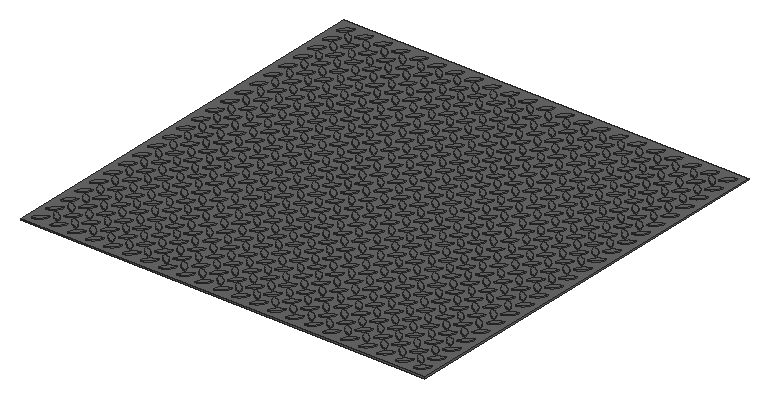
Revit family "141012021113804", category Modelos genéricos, Revit 2018 (continued)
Forms (mm)
  Blend 550, solid, material "Goma negro" <- "Material", detail levels fine
    base sketch origin (1053.494, 433.945, 0) x (-0.707107, -0.707107, 0) y (0.707107, -0.707107, 0)
      loop
        arc (792.83, -324.327) -> (793.684, -324.773) -> (794.539, -324.327) r 1.041
        arc (794.539, -324.327) -> (799.889, -307.273) -> (794.539, -290.22) r 29.852
        arc (794.539, -290.22) -> (793.684, -289.773) -> (792.83, -290.22) r 1.041
    top sketch origin (1053.494, 433.945, 0) x (-0.707107, -0.707107, 0) y (0.707107, -0.707107, 0)
      loop
        arc (792.83, -290.22) -> (787.479, -307.273) -> (792.83, -324.327) r 29.852
        arc (792.83, -324.327) -> (793.684, -324.773) -> (794.539, -324.327) r 1.041
        arc (794.539, -324.327) -> (799.889, -307.273) -> (794.539, -290.22) r 29.852
        arc (794.539, -290.22) -> (793.684, -289.773) -> (792.83, -290.22) r 1.041
    from 0 to 1
  Blend 551, solid, material "Goma negro" <- "Material", detail levels fine
    base sketch origin (-136.445, 845.994, 0) x (0.707107, -0.707107, 0) y (0.707107, 0.707107, 0)
      loop
        arc (792.83, -290.22) -> (787.479, -307.273) -> (792.83, -324.327) r 29.852
        arc (792.83, -324.327) -> (793.684, -324.773) -> (794.539, -324.327) r 1.041
        arc (794.539, -324.327) -> (799.889, -307.273) -> (794.539, -290.22) r 29.852
        arc (794.539, -290.22) -> (793.684, -289.773) -> (792.83, -290.22) r 1.041
    top sketch origin (-136.445, 845.994, 0) x (0.707107, -0.707107, 0) y (0.707107, 0.707107, 0)
      loop
        arc (792.83, -290.22) -> (787.479, -307.273) -> (792.83, -324.327) r 29.852
        arc (792.83, -324.327) -> (793.684, -324.773) -> (794.539, -324.327) r 1.041
        arc (794.539, -324.327) -> (799.889, -307.273) -> (794.539, -290.22) r 29.852
        arc (794.539, -290.22) -> (793.684, -289.773) -> (792.83, -290.22) r 1.041
    from 0 to 1
  Blend 552, solid, material "Goma negro" <- "Material", detail levels fine
    base sketch origin (1008.494, 433.945, 0) x (-0.707107, -0.707107, 0) y (0.707107, -0.707107, 0)
      loop
        arc (792.83, -290.22) -> (787.479, -307.273) -> (792.83, -324.327) r 29.852
        arc (792.83, -324.327) -> (793.684, -324.773) -> (794.539, -324.327) r 1.041
        arc (794.539, -324.327) -> (799.889, -307.273) -> (794.539, -290.22) r 29.852
        arc (794.539, -290.22) -> (793.684, -289.773) -> (792.83, -290.22) r 1.041
    top sketch origin (1008.494, 433.945, 0) x (-0.707107, -0.707107, 0) y (0.707107, -0.707107, 0)
      loop
        arc (792.83, -290.22) -> (787.479, -307.273) -> (792.83, -324.327) r 29.852
        arc (792.83, -324.327) -> (793.684, -324.773) -> (794.539, -324.327) r 1.041
        arc (794.539, -324.327) -> (799.889, -307.273) -> (794.539, -290.22) r 29.852
        arc (794.539, -290.22) -> (793.684, -289.773) -> (792.83, -290.22) r 1.041
    from 0 to 1
  Blend 553, solid, material "Goma negro" <- "Material", detail levels fine
    base sketch origin (-181.445, 845.994, 0) x (0.707107, -0.707107, 0) y (0.707107, 0.707107, 0)
      loop
        arc (792.83, -290.22) -> (787.479, -307.273) -> (792.83, -324.327) r 29.852
        arc (792.83, -324.327) -> (793.684, -324.773) -> (794.539, -324.327) r 1.041
        arc (794.539, -324.327) -> (799.889, -307.273) -> (794.539, -290.22) r 29.852
        arc (794.539, -290.22) -> (793.684, -289.773) -> (792.83, -290.22) r 1.041
    top sketch origin (-181.445, 845.994, 0) x (0.707107, -0.707107, 0) y (0.707107, 0.707107, 0)
      loop
        arc (792.83, -290.22) -> (787.479, -307.273) -> (792.83, -324.327) r 29.852
        arc (792.83, -324.327) -> (793.684, -324.773) -> (794.539, -324.327) r 1.041
        arc (794.539, -324.327) -> (799.889, -307.273) -> (794.539, -290.22) r 29.852
        arc (794.539, -290.22) -> (793.684, -289.773) -> (792.83, -290.22) r 1.041
    from 0 to 1
  Blend 554, solid, material "Goma negro" <- "Material", detail levels fine
    base sketch origin (963.494, 433.945, 0) x (-0.707107, -0.707107, 0) y (0.707107, -0.707107, 0)
      loop
        arc (792.83, -290.22) -> (787.479, -307.273) -> (792.83, -324.327) r 29.852
        arc (792.83, -324.327) -> (793.684, -324.773) -> (794.539, -324.327) r 1.041
        arc (794.539, -324.327) -> (799.889, -307.273) -> (794.539, -290.22) r 29.852
        arc (794.539, -290.22) -> (793.684, -289.773) -> (792.83, -290.22) r 1.041
    top sketch origin (963.494, 433.945, 0) x (-0.707107, -0.707107, 0) y (0.707107, -0.707107, 0)
      loop
        arc (792.83, -290.22) -> (787.479, -307.273) -> (792.83, -324.327) r 29.852
        arc (792.83, -324.327) -> (793.684, -324.773) -> (794.539, -324.327) r 1.041
        arc (794.539, -324.327) -> (799.889, -307.273) -> (794.539, -290.22) r 29.852
        arc (794.539, -290.22) -> (793.684, -289.773) -> (792.83, -290.22) r 1.041
    from 0 to 1
  Blend 555, solid, material "Goma negro" <- "Material", detail levels fine
    base sketch origin (-226.445, 845.994, 0) x (0.707107, -0.707107, 0) y (0.707107, 0.707107, 0)
      loop
        arc (792.83, -290.22) -> (787.479, -307.273) -> (792.83, -324.327) r 29.852
        arc (792.83, -324.327) -> (793.684, -324.773) -> (794.539, -324.327) r 1.041
        arc (794.539, -324.327) -> (799.889, -307.273) -> (794.539, -290.22) r 29.852
        arc (794.539, -290.22) -> (793.684, -289.773) -> (792.83, -290.22) r 1.041
    top sketch origin (-226.445, 845.994, 0) x (0.707107, -0.707107, 0) y (0.707107, 0.707107, 0)
      loop
        arc (792.83, -290.22) -> (787.479, -307.273) -> (792.83, -324.327) r 29.852
        arc (792.83, -324.327) -> (793.684, -324.773) -> (794.539, -324.327) r 1.041
        arc (794.539, -324.327) -> (799.889, -307.273) -> (794.539, -290.22) r 29.852
        arc (794.539, -290.22) -> (793.684, -289.773) -> (792.83, -290.22) r 1.041
    from 0 to 1
  Blend 556, solid, material "Goma negro" <- "Material", detail levels fine
    base sketch origin (918.494, 433.945, 0) x (-0.707107, -0.707107, 0) y (0.707107, -0.707107, 0)
      loop
        arc (792.83, -290.22) -> (787.479, -307.273) -> (792.83, -324.327) r 29.852
        arc (792.83, -324.327) -> (793.684, -324.773) -> (794.539, -324.327) r 1.041
        arc (794.539, -324.327) -> (799.889, -307.273) -> (794.539, -290.22) r 29.852
        arc (794.539, -290.22) -> (793.684, -289.773) -> (792.83, -290.22) r 1.041
    top sketch origin (918.494, 433.945, 0) x (-0.707107, -0.707107, 0) y (0.707107, -0.707107, 0)
      loop
        arc (792.83, -290.22) -> (787.479, -307.273) -> (792.83, -324.327) r 29.852
        arc (792.83, -324.327) -> (793.684, -324.773) -> (794.539, -324.327) r 1.041
        arc (794.539, -324.327) -> (799.889, -307.273) -> (794.539, -290.22) r 29.852
        arc (794.539, -290.22) -> (793.684, -289.773) -> (792.83, -290.22) r 1.041
    from 0 to 1
  Blend 557, solid, material "Goma negro" <- "Material", detail levels fine
    base sketch origin (-271.445, 845.994, 0) x (0.707107, -0.707107, 0) y (0.707107, 0.707107, 0)
      loop
        arc (792.83, -290.22) -> (787.479, -307.273) -> (792.83, -324.327) r 29.852
        arc (792.83, -324.327) -> (793.684, -324.773) -> (794.539, -324.327) r 1.041
        arc (794.539, -324.327) -> (799.889, -307.273) -> (794.539, -290.22) r 29.852
        arc (794.539, -290.22) -> (793.684, -289.773) -> (792.83, -290.22) r 1.041
    top sketch origin (-271.445, 845.994, 0) x (0.707107, -0.707107, 0) y (0.707107, 0.707107, 0)
      loop
        arc (792.83, -290.22) -> (787.479, -307.273) -> (792.83, -324.327) r 29.852
        arc (792.83, -324.327) -> (793.684, -324.773) -> (794.539, -324.327) r 1.041
        arc (794.539, -324.327) -> (799.889, -307.273) -> (794.539, -290.22) r 29.852
        arc (794.539, -290.22) -> (793.684, -289.773) -> (792.83, -290.22) r 1.041
    from 0 to 1
  Blend 558, solid, material "Goma negro" <- "Material", detail levels fine
    base sketch origin (873.494, 433.945, 0) x (-0.707107, -0.707107, 0) y (0.707107, -0.707107, 0)
      loop
        arc (792.83, -290.22) -> (787.479, -307.273) -> (792.83, -324.327) r 29.852
        arc (792.83, -324.327) -> (793.684, -324.773) -> (794.539, -324.327) r 1.041
        arc (794.539, -324.327) -> (799.889, -307.273) -> (794.539, -290.22) r 29.852
        arc (794.539, -290.22) -> (793.684, -289.773) -> (792.83, -290.22) r 1.041
    top sketch origin (873.494, 433.945, 0) x (-0.707107, -0.707107, 0) y (0.707107, -0.707107, 0)
      loop
        arc (792.83, -290.22) -> (787.479, -307.273) -> (792.83, -324.327) r 29.852
        arc (792.83, -324.327) -> (793.684, -324.773) -> (794.539, -324.327) r 1.041
        arc (794.539, -324.327) -> (799.889, -307.273) -> (794.539, -290.22) r 29.852
        arc (794.539, -290.22) -> (793.684, -289.773) -> (792.83, -290.22) r 1.041
    from 0 to 1
  Blend 559, solid, material "Goma negro" <- "Material", detail levels fine
    base sketch origin (-316.445, 845.994, 0) x (0.707107, -0.707107, 0) y (0.707107, 0.707107, 0)
      loop
        arc (792.83, -290.22) -> (787.479, -307.273) -> (792.83, -324.327) r 29.852
        arc (792.83, -324.327) -> (793.684, -324.773) -> (794.539, -324.327) r 1.041
        arc (794.539, -324.327) -> (799.889, -307.273) -> (794.539, -290.22) r 29.852
        arc (794.539, -290.22) -> (793.684, -289.773) -> (792.83, -290.22) r 1.041
    top sketch origin (-316.445, 845.994, 0) x (0.707107, -0.707107, 0) y (0.707107, 0.707107, 0)
      loop
        arc (792.83, -290.22) -> (787.479, -307.273) -> (792.83, -324.327) r 29.852
        arc (792.83, -324.327) -> (793.684, -324.773) -> (794.539, -324.327) r 1.041
        arc (794.539, -324.327) -> (799.889, -307.273) -> (794.539, -290.22) r 29.852
        arc (794.539, -290.22) -> (793.684, -289.773) -> (792.83, -290.22) r 1.041
    from 0 to 1
  Blend 560, solid, material "Goma negro" <- "Material", detail levels fine
    base sketch origin (828.494, 433.945, 0) x (-0.707107, -0.707107, 0) y (0.707107, -0.707107, 0)
      loop
        arc (792.83, -290.22) -> (787.479, -307.273) -> (792.83, -324.327) r 29.852
        arc (792.83, -324.327) -> (793.684, -324.773) -> (794.539, -324.327) r 1.041
        arc (794.539, -324.327) -> (799.889, -307.273) -> (794.539, -290.22) r 29.852
        arc (794.539, -290.22) -> (793.684, -289.773) -> (792.83, -290.22) r 1.041
    top sketch origin (828.494, 433.945, 0) x (-0.707107, -0.707107, 0) y (0.707107, -0.707107, 0)
      loop
        arc (792.83, -290.22) -> (787.479, -307.273) -> (792.83, -324.327) r 29.852
        arc (792.83, -324.327) -> (793.684, -324.773) -> (794.539, -324.327) r 1.041
        arc (794.539, -324.327) -> (799.889, -307.273) -> (794.539, -290.22) r 29.852
        arc (794.539, -290.22) -> (793.684, -289.773) -> (792.83, -290.22) r 1.041
    from 0 to 1
  Blend 561, solid, material "Goma negro" <- "Material", detail levels fine
    base sketch origin (628.555, 890.994, 0) x (0.707107, -0.707107, 0) y (0.707107, 0.707107, 0)
      loop
        arc (792.83, -290.22) -> (787.479, -307.273) -> (792.83, -324.327) r 29.852
        arc (792.83, -324.327) -> (793.684, -324.773) -> (794.539, -324.327) r 1.041
        arc (794.539, -324.327) -> (799.889, -307.273) -> (794.539, -290.22) r 29.852
        arc (794.539, -290.22) -> (793.684, -289.773) -> (792.83, -290.22) r 1.041
    top sketch origin (628.555, 890.994, 0) x (0.707107, -0.707107, 0) y (0.707107, 0.707107, 0)
      loop
        arc (792.83, -290.22) -> (787.479, -307.273) -> (792.83, -324.327) r 29.852
        arc (792.83, -324.327) -> (793.684, -324.773) -> (794.539, -324.327) r 1.041
        arc (794.539, -324.327) -> (799.889, -307.273) -> (794.539, -290.22) r 29.852
        arc (794.539, -290.22) -> (793.684, -289.773) -> (792.83, -290.22) r 1.041
    from 0 to 1
  Blend 562, solid, material "Goma negro" <- "Material", detail levels fine
    base sketch origin (583.555, 890.994, 0) x (0.707107, -0.707107, 0) y (0.707107, 0.707107, 0)
      loop
        arc (792.83, -290.22) -> (787.479, -307.273) -> (792.83, -324.327) r 29.852
        arc (792.83, -324.327) -> (793.684, -324.773) -> (794.539, -324.327) r 1.041
        arc (794.539, -324.327) -> (799.889, -307.273) -> (794.539, -290.22) r 29.852
        arc (794.539, -290.22) -> (793.684, -289.773) -> (792.83, -290.22) r 1.041
    top sketch origin (583.555, 890.994, 0) x (0.707107, -0.707107, 0) y (0.707107, 0.707107, 0)
      loop
        arc (792.83, -290.22) -> (787.479, -307.273) -> (792.83, -324.327) r 29.852
        arc (792.83, -324.327) -> (793.684, -324.773) -> (794.539, -324.327) r 1.041
        arc (794.539, -324.327) -> (799.889, -307.273) -> (794.539, -290.22) r 29.852
        arc (794.539, -290.22) -> (793.684, -289.773) -> (792.83, -290.22) r 1.041
    from 0 to 1
  Blend 563, solid, material "Goma negro" <- "Material", detail levels fine
    base sketch origin (1728.494, 478.945, 0) x (-0.707107, -0.707107, 0) y (0.707107, -0.707107, 0)
      loop
        arc (792.83, -290.22) -> (787.479, -307.273) -> (792.83, -324.327) r 29.852
        arc (792.83, -324.327) -> (793.684, -324.773) -> (794.539, -324.327) r 1.041
        arc (794.539, -324.327) -> (799.889, -307.273) -> (794.539, -290.22) r 29.852
        arc (794.539, -290.22) -> (793.684, -289.773) -> (792.83, -290.22) r 1.041
    top sketch origin (1728.494, 478.945, 0) x (-0.707107, -0.707107, 0) y (0.707107, -0.707107, 0)
      loop
        arc (792.83, -290.22) -> (787.479, -307.273) -> (792.83, -324.327) r 29.852
        arc (792.83, -324.327) -> (793.684, -324.773) -> (794.539, -324.327) r 1.041
        arc (794.539, -324.327) -> (799.889, -307.273) -> (794.539, -290.22) r 29.852
        arc (794.539, -290.22) -> (793.684, -289.773) -> (792.83, -290.22) r 1.041
    from 0 to 1
  Blend 564, solid, material "Goma negro" <- "Material", detail levels fine
    base sketch origin (538.555, 890.994, 0) x (0.707107, -0.707107, 0) y (0.707107, 0.707107, 0)
      loop
        arc (792.83, -290.22) -> (787.479, -307.273) -> (792.83, -324.327) r 29.852
        arc (792.83, -324.327) -> (793.684, -324.773) -> (794.539, -324.327) r 1.041
        arc (794.539, -324.327) -> (799.889, -307.273) -> (794.539, -290.22) r 29.852
        arc (794.539, -290.22) -> (793.684, -289.773) -> (792.83, -290.22) r 1.041
    top sketch origin (538.555, 890.994, 0) x (0.707107, -0.707107, 0) y (0.707107, 0.707107, 0)
      loop
        arc (792.83, -290.22) -> (787.479, -307.273) -> (792.83, -324.327) r 29.852
        arc (792.83, -324.327) -> (793.684, -324.773) -> (794.539, -324.327) r 1.041
        arc (794.539, -324.327) -> (799.889, -307.273) -> (794.539, -290.22) r 29.852
        arc (794.539, -290.22) -> (793.684, -289.773) -> (792.83, -290.22) r 1.041
    from 0 to 1
  Blend 565, solid, material "Goma negro" <- "Material", detail levels fine
    base sketch origin (1683.494, 478.945, 0) x (-0.707107, -0.707107, 0) y (0.707107, -0.707107, 0)
      loop
        arc (792.83, -290.22) -> (787.479, -307.273) -> (792.83, -324.327) r 29.852
        arc (792.83, -324.327) -> (793.684, -324.773) -> (794.539, -324.327) r 1.041
        arc (794.539, -324.327) -> (799.889, -307.273) -> (794.539, -290.22) r 29.852
        arc (794.539, -290.22) -> (793.684, -289.773) -> (792.83, -290.22) r 1.041
    top sketch origin (1683.494, 478.945, 0) x (-0.707107, -0.707107, 0) y (0.707107, -0.707107, 0)
      loop
        arc (792.83, -290.22) -> (787.479, -307.273) -> (792.83, -324.327) r 29.852
        arc (792.83, -324.327) -> (793.684, -324.773) -> (794.539, -324.327) r 1.041
        arc (794.539, -324.327) -> (799.889, -307.273) -> (794.539, -290.22) r 29.852
        arc (794.539, -290.22) -> (793.684, -289.773) -> (792.83, -290.22) r 1.041
    from 0 to 1
  Blend 566, solid, material "Goma negro" <- "Material", detail levels fine
    base sketch origin (493.555, 890.994, 0) x (0.707107, -0.707107, 0) y (0.707107, 0.707107, 0)
      loop
        arc (792.83, -290.22) -> (787.479, -307.273) -> (792.83, -324.327) r 29.852
        arc (792.83, -324.327) -> (793.684, -324.773) -> (794.539, -324.327) r 1.041
        arc (794.539, -324.327) -> (799.889, -307.273) -> (794.539, -290.22) r 29.852
        arc (794.539, -290.22) -> (793.684, -289.773) -> (792.83, -290.22) r 1.041
    top sketch origin (493.555, 890.994, 0) x (0.707107, -0.707107, 0) y (0.707107, 0.707107, 0)
      loop
        arc (792.83, -290.22) -> (787.479, -307.273) -> (792.83, -324.327) r 29.852
        arc (792.83, -324.327) -> (793.684, -324.773) -> (794.539, -324.327) r 1.041
        arc (794.539, -324.327) -> (799.889, -307.273) -> (794.539, -290.22) r 29.852
        arc (794.539, -290.22) -> (793.684, -289.773) -> (792.83, -290.22) r 1.041
    from 0 to 1
  Blend 567, solid, material "Goma negro" <- "Material", detail levels fine
    base sketch origin (1638.494, 478.945, 0) x (-0.707107, -0.707107, 0) y (0.707107, -0.707107, 0)
      loop
        arc (792.83, -290.22) -> (787.479, -307.273) -> (792.83, -324.327) r 29.852
        arc (792.83, -324.327) -> (793.684, -324.773) -> (794.539, -324.327) r 1.041
        arc (794.539, -324.327) -> (799.889, -307.273) -> (794.539, -290.22) r 29.852
        arc (794.539, -290.22) -> (793.684, -289.773) -> (792.83, -290.22) r 1.041
    top sketch origin (1638.494, 478.945, 0) x (-0.707107, -0.707107, 0) y (0.707107, -0.707107, 0)
      loop
        arc (792.83, -290.22) -> (787.479, -307.273) -> (792.83, -324.327) r 29.852
        arc (792.83, -324.327) -> (793.684, -324.773) -> (794.539, -324.327) r 1.041
        arc (794.539, -324.327) -> (799.889, -307.273) -> (794.539, -290.22) r 29.852
        arc (794.539, -290.22) -> (793.684, -289.773) -> (792.83, -290.22) r 1.041
    from 0 to 1
  Blend 568, solid, material "Goma negro" <- "Material", detail levels fine
    base sketch origin (448.555, 890.994, 0) x (0.707107, -0.707107, 0) y (0.707107, 0.707107, 0)
      loop
        arc (792.83, -290.22) -> (787.479, -307.273) -> (792.83, -324.327) r 29.852
        arc (792.83, -324.327) -> (793.684, -324.773) -> (794.539, -324.327) r 1.041
        arc (794.539, -324.327) -> (799.889, -307.273) -> (794.539, -290.22) r 29.852
        arc (794.539, -290.22) -> (793.684, -289.773) -> (792.83, -290.22) r 1.041
    top sketch origin (448.555, 890.994, 0) x (0.707107, -0.707107, 0) y (0.707107, 0.707107, 0)
      loop
        arc (792.83, -290.22) -> (787.479, -307.273) -> (792.83, -324.327) r 29.852
        arc (792.83, -324.327) -> (793.684, -324.773) -> (794.539, -324.327) r 1.041
        arc (794.539, -324.327) -> (799.889, -307.273) -> (794.539, -290.22) r 29.852
        arc (794.539, -290.22) -> (793.684, -289.773) -> (792.83, -290.22) r 1.041
    from 0 to 1
  Blend 569, solid, material "Goma negro" <- "Material", detail levels fine
    base sketch origin (1593.494, 478.945, 0) x (-0.707107, -0.707107, 0) y (0.707107, -0.707107, 0)
      loop
        arc (792.83, -290.22) -> (787.479, -307.273) -> (792.83, -324.327) r 29.852
        arc (792.83, -324.327) -> (793.684, -324.773) -> (794.539, -324.327) r 1.041
        arc (794.539, -324.327) -> (799.889, -307.273) -> (794.539, -290.22) r 29.852
        arc (794.539, -290.22) -> (793.684, -289.773) -> (792.83, -290.22) r 1.041
    top sketch origin (1593.494, 478.945, 0) x (-0.707107, -0.707107, 0) y (0.707107, -0.707107, 0)
      loop
        arc (792.83, -290.22) -> (787.479, -307.273) -> (792.83, -324.327) r 29.852
        arc (792.83, -324.327) -> (793.684, -324.773) -> (794.539, -324.327) r 1.041
        arc (794.539, -324.327) -> (799.889, -307.273) -> (794.539, -290.22) r 29.852
        arc (794.539, -290.22) -> (793.684, -289.773) -> (792.83, -290.22) r 1.041
    from 0 to 1
  Blend 570, solid, material "Goma negro" <- "Material", detail levels fine
    base sketch origin (403.555, 890.994, 0) x (0.707107, -0.707107, 0) y (0.707107, 0.707107, 0)
      loop
        arc (792.83, -290.22) -> (787.479, -307.273) -> (792.83, -324.327) r 29.852
        arc (792.83, -324.327) -> (793.684, -324.773) -> (794.539, -324.327) r 1.041
        arc (794.539, -324.327) -> (799.889, -307.273) -> (794.539, -290.22) r 29.852
        arc (794.539, -290.22) -> (793.684, -289.773) -> (792.83, -290.22) r 1.041
    top sketch origin (403.555, 890.994, 0) x (0.707107, -0.707107, 0) y (0.707107, 0.707107, 0)
      loop
        arc (792.83, -290.22) -> (787.479, -307.273) -> (792.83, -324.327) r 29.852
        arc (792.83, -324.327) -> (793.684, -324.773) -> (794.539, -324.327) r 1.041
        arc (794.539, -324.327) -> (799.889, -307.273) -> (794.539, -290.22) r 29.852
        arc (794.539, -290.22) -> (793.684, -289.773) -> (792.83, -290.22) r 1.041
    from 0 to 1
  Blend 571, solid, material "Goma negro" <- "Material", detail levels fine
    base sketch origin (1548.494, 478.945, 0) x (-0.707107, -0.707107, 0) y (0.707107, -0.707107, 0)
      loop
        arc (792.83, -290.22) -> (787.479, -307.273) -> (792.83, -324.327) r 29.852
        arc (792.83, -324.327) -> (793.684, -324.773) -> (794.539, -324.327) r 1.041
        arc (794.539, -324.327) -> (799.889, -307.273) -> (794.539, -290.22) r 29.852
        arc (794.539, -290.22) -> (793.684, -289.773) -> (792.83, -290.22) r 1.041
    top sketch origin (1548.494, 478.945, 0) x (-0.707107, -0.707107, 0) y (0.707107, -0.707107, 0)
      loop
        arc (792.83, -290.22) -> (787.479, -307.273) -> (792.83, -324.327) r 29.852
        arc (792.83, -324.327) -> (793.684, -324.773) -> (794.539, -324.327) r 1.041
        arc (794.539, -324.327) -> (799.889, -307.273) -> (794.539, -290.22) r 29.852
        arc (794.539, -290.22) -> (793.684, -289.773) -> (792.83, -290.22) r 1.041
    from 0 to 1
  Blend 572, solid, material "Goma negro" <- "Material", detail levels fine
    base sketch origin (358.555, 890.994, 0) x (0.707107, -0.707107, 0) y (0.707107, 0.707107, 0)
      loop
        arc (792.83, -290.22) -> (787.479, -307.273) -> (792.83, -324.327) r 29.852
        arc (792.83, -324.327) -> (793.684, -324.773) -> (794.539, -324.327) r 1.041
        arc (794.539, -324.327) -> (799.889, -307.273) -> (794.539, -290.22) r 29.852
        arc (794.539, -290.22) -> (793.684, -289.773) -> (792.83, -290.22) r 1.041
    top sketch origin (358.555, 890.994, 0) x (0.707107, -0.707107, 0) y (0.707107, 0.707107, 0)
      loop
        arc (792.83, -290.22) -> (787.479, -307.273) -> (792.83, -324.327) r 29.852
        arc (792.83, -324.327) -> (793.684, -324.773) -> (794.539, -324.327) r 1.041
        arc (794.539, -324.327) -> (799.889, -307.273) -> (794.539, -290.22) r 29.852
        arc (794.539, -290.22) -> (793.684, -289.773) -> (792.83, -290.22) r 1.041
    from 0 to 1
  Blend 573, solid, material "Goma negro" <- "Material", detail levels fine
    base sketch origin (1503.494, 478.945, 0) x (-0.707107, -0.707107, 0) y (0.707107, -0.707107, 0)
      loop
        arc (792.83, -290.22) -> (787.479, -307.273) -> (792.83, -324.327) r 29.852
        arc (792.83, -324.327) -> (793.684, -324.773) -> (794.539, -324.327) r 1.041
        arc (794.539, -324.327) -> (799.889, -307.273) -> (794.539, -290.22) r 29.852
        arc (794.539, -290.22) -> (793.684, -289.773) -> (792.83, -290.22) r 1.041
    top sketch origin (1503.494, 478.945, 0) x (-0.707107, -0.707107, 0) y (0.707107, -0.707107, 0)
      loop
        arc (792.83, -290.22) -> (787.479, -307.273) -> (792.83, -324.327) r 29.852
        arc (792.83, -324.327) -> (793.684, -324.773) -> (794.539, -324.327) r 1.041
        arc (794.539, -324.327) -> (799.889, -307.273) -> (794.539, -290.22) r 29.852
        arc (794.539, -290.22) -> (793.684, -289.773) -> (792.83, -290.22) r 1.041
    from 0 to 1
  Blend 574, solid, material "Goma negro" <- "Material", detail levels fine
    base sketch origin (313.555, 890.994, 0) x (0.707107, -0.707107, 0) y (0.707107, 0.707107, 0)
      loop
        arc (792.83, -290.22) -> (787.479, -307.273) -> (792.83, -324.327) r 29.852
        arc (792.83, -324.327) -> (793.684, -324.773) -> (794.539, -324.327) r 1.041
        arc (794.539, -324.327) -> (799.889, -307.273) -> (794.539, -290.22) r 29.852
        arc (794.539, -290.22) -> (793.684, -289.773) -> (792.83, -290.22) r 1.041
    top sketch origin (313.555, 890.994, 0) x (0.707107, -0.707107, 0) y (0.707107, 0.707107, 0)
      loop
        arc (792.83, -290.22) -> (787.479, -307.273) -> (792.83, -324.327) r 29.852
        arc (792.83, -324.327) -> (793.684, -324.773) -> (794.539, -324.327) r 1.041
        arc (794.539, -324.327) -> (799.889, -307.273) -> (794.539, -290.22) r 29.852
        arc (794.539, -290.22) -> (793.684, -289.773) -> (792.83, -290.22) r 1.041
    from 0 to 1
  Blend 575, solid, material "Goma negro" <- "Material", detail levels fine
    base sketch origin (1458.494, 478.945, 0) x (-0.707107, -0.707107, 0) y (0.707107, -0.707107, 0)
      loop
        arc (792.83, -290.22) -> (787.479, -307.273) -> (792.83, -324.327) r 29.852
        arc (792.83, -324.327) -> (793.684, -324.773) -> (794.539, -324.327) r 1.041
        arc (794.539, -324.327) -> (799.889, -307.273) -> (794.539, -290.22) r 29.852
        arc (794.539, -290.22) -> (793.684, -289.773) -> (792.83, -290.22) r 1.041
    top sketch origin (1458.494, 478.945, 0) x (-0.707107, -0.707107, 0) y (0.707107, -0.707107, 0)
      loop
        arc (792.83, -290.22) -> (787.479, -307.273) -> (792.83, -324.327) r 29.852
        arc (792.83, -324.327) -> (793.684, -324.773) -> (794.539, -324.327) r 1.041
        arc (794.539, -324.327) -> (799.889, -307.273) -> (794.539, -290.22) r 29.852
        arc (794.539, -290.22) -> (793.684, -289.773) -> (792.83, -290.22) r 1.041
    from 0 to 1
  Blend 576, solid, material "Goma negro" <- "Material", detail levels fine
    base sketch origin (268.555, 890.994, 0) x (0.707107, -0.707107, 0) y (0.707107, 0.707107, 0)
      loop
        arc (792.83, -290.22) -> (787.479, -307.273) -> (792.83, -324.327) r 29.852
        arc (792.83, -324.327) -> (793.684, -324.773) -> (794.539, -324.327) r 1.041
        arc (794.539, -324.327) -> (799.889, -307.273) -> (794.539, -290.22) r 29.852
        arc (794.539, -290.22) -> (793.684, -289.773) -> (792.83, -290.22) r 1.041
    top sketch origin (268.555, 890.994, 0) x (0.707107, -0.707107, 0) y (0.707107, 0.707107, 0)
      loop
        arc (792.83, -290.22) -> (787.479, -307.273) -> (792.83, -324.327) r 29.852
        arc (792.83, -324.327) -> (793.684, -324.773) -> (794.539, -324.327) r 1.041
        arc (794.539, -324.327) -> (799.889, -307.273) -> (794.539, -290.22) r 29.852
        arc (794.539, -290.22) -> (793.684, -289.773) -> (792.83, -290.22) r 1.041
    from 0 to 1
  Blend 577, solid, material "Goma negro" <- "Material", detail levels fine
    base sketch origin (1413.494, 478.945, 0) x (-0.707107, -0.707107, 0) y (0.707107, -0.707107, 0)
      loop
        arc (792.83, -290.22) -> (787.479, -307.273) -> (792.83, -324.327) r 29.852
        arc (792.83, -324.327) -> (793.684, -324.773) -> (794.539, -324.327) r 1.041
        arc (794.539, -324.327) -> (799.889, -307.273) -> (794.539, -290.22) r 29.852
        arc (794.539, -290.22) -> (793.684, -289.773) -> (792.83, -290.22) r 1.041
    top sketch origin (1413.494, 478.945, 0) x (-0.707107, -0.707107, 0) y (0.707107, -0.707107, 0)
      loop
        arc (792.83, -290.22) -> (787.479, -307.273) -> (792.83, -324.327) r 29.852
        arc (792.83, -324.327) -> (793.684, -324.773) -> (794.539, -324.327) r 1.041
        arc (794.539, -324.327) -> (799.889, -307.273) -> (794.539, -290.22) r 29.852
        arc (794.539, -290.22) -> (793.684, -289.773) -> (792.83, -290.22) r 1.041
    from 0 to 1
  Blend 578, solid, material "Goma negro" <- "Material", detail levels fine
    base sketch origin (223.555, 890.994, 0) x (0.707107, -0.707107, 0) y (0.707107, 0.707107, 0)
      loop
        arc (792.83, -290.22) -> (787.479, -307.273) -> (792.83, -324.327) r 29.852
        arc (792.83, -324.327) -> (793.684, -324.773) -> (794.539, -324.327) r 1.041
        arc (794.539, -324.327) -> (799.889, -307.273) -> (794.539, -290.22) r 29.852
        arc (794.539, -290.22) -> (793.684, -289.773) -> (792.83, -290.22) r 1.041
    top sketch origin (223.555, 890.994, 0) x (0.707107, -0.707107, 0) y (0.707107, 0.707107, 0)
      loop
        arc (792.83, -290.22) -> (787.479, -307.273) -> (792.83, -324.327) r 29.852
        arc (792.83, -324.327) -> (793.684, -324.773) -> (794.539, -324.327) r 1.041
        arc (794.539, -324.327) -> (799.889, -307.273) -> (794.539, -290.22) r 29.852
        arc (794.539, -290.22) -> (793.684, -289.773) -> (792.83, -290.22) r 1.041
    from 0 to 1
  Blend 579, solid, material "Goma negro" <- "Material", detail levels fine
    base sketch origin (1368.494, 478.945, 0) x (-0.707107, -0.707107, 0) y (0.707107, -0.707107, 0)
      loop
        arc (792.83, -290.22) -> (787.479, -307.273) -> (792.83, -324.327) r 29.852
        arc (792.83, -324.327) -> (793.684, -324.773) -> (794.539, -324.327) r 1.041
        arc (794.539, -324.327) -> (799.889, -307.273) -> (794.539, -290.22) r 29.852
        arc (794.539, -290.22) -> (793.684, -289.773) -> (792.83, -290.22) r 1.041
    top sketch origin (1368.494, 478.945, 0) x (-0.707107, -0.707107, 0) y (0.707107, -0.707107, 0)
      loop
        arc (792.83, -290.22) -> (787.479, -307.273) -> (792.83, -324.327) r 29.852
        arc (792.83, -324.327) -> (793.684, -324.773) -> (794.539, -324.327) r 1.041
        arc (794.539, -324.327) -> (799.889, -307.273) -> (794.539, -290.22) r 29.852
        arc (794.539, -290.22) -> (793.684, -289.773) -> (792.83, -290.22) r 1.041
    from 0 to 1
  Blend 580, solid, material "Goma negro" <- "Material", detail levels fine
    base sketch origin (178.555, 890.994, 0) x (0.707107, -0.707107, 0) y (0.707107, 0.707107, 0)
      loop
        arc (792.83, -290.22) -> (787.479, -307.273) -> (792.83, -324.327) r 29.852
        arc (792.83, -324.327) -> (793.684, -324.773) -> (794.539, -324.327) r 1.041
        arc (794.539, -324.327) -> (799.889, -307.273) -> (794.539, -290.22) r 29.852
        arc (794.539, -290.22) -> (793.684, -289.773) -> (792.83, -290.22) r 1.041
    top sketch origin (178.555, 890.994, 0) x (0.707107, -0.707107, 0) y (0.707107, 0.707107, 0)
      loop
        arc (792.83, -290.22) -> (787.479, -307.273) -> (792.83, -324.327) r 29.852
        arc (792.83, -324.327) -> (793.684, -324.773) -> (794.539, -324.327) r 1.041
        arc (794.539, -324.327) -> (799.889, -307.273) -> (794.539, -290.22) r 29.852
        arc (794.539, -290.22) -> (793.684, -289.773) -> (792.83, -290.22) r 1.041
    from 0 to 1
  Blend 581, solid, material "Goma negro" <- "Material", detail levels fine
    base sketch origin (1323.494, 478.945, 0) x (-0.707107, -0.707107, 0) y (0.707107, -0.707107, 0)
      loop
        arc (792.83, -290.22) -> (787.479, -307.273) -> (792.83, -324.327) r 29.852
        arc (792.83, -324.327) -> (793.684, -324.773) -> (794.539, -324.327) r 1.041
        arc (794.539, -324.327) -> (799.889, -307.273) -> (794.539, -290.22) r 29.852
        arc (794.539, -290.22) -> (793.684, -289.773) -> (792.83, -290.22) r 1.041
    top sketch origin (1323.494, 478.945, 0) x (-0.707107, -0.707107, 0) y (0.707107, -0.707107, 0)
      loop
        arc (792.83, -290.22) -> (787.479, -307.273) -> (792.83, -324.327) r 29.852
        arc (792.83, -324.327) -> (793.684, -324.773) -> (794.539, -324.327) r 1.041
        arc (794.539, -324.327) -> (799.889, -307.273) -> (794.539, -290.22) r 29.852
        arc (794.539, -290.22) -> (793.684, -289.773) -> (792.83, -290.22) r 1.041
    from 0 to 1
  Blend 582, solid, material "Goma negro" <- "Material", detail levels fine
    base sketch origin (133.555, 890.994, 0) x (0.707107, -0.707107, 0) y (0.707107, 0.707107, 0)
      loop
        arc (792.83, -290.22) -> (787.479, -307.273) -> (792.83, -324.327) r 29.852
        arc (792.83, -324.327) -> (793.684, -324.773) -> (794.539, -324.327) r 1.041
        arc (794.539, -324.327) -> (799.889, -307.273) -> (794.539, -290.22) r 29.852
        arc (794.539, -290.22) -> (793.684, -289.773) -> (792.83, -290.22) r 1.041
    top sketch origin (133.555, 890.994, 0) x (0.707107, -0.707107, 0) y (0.707107, 0.707107, 0)
      loop
        arc (792.83, -290.22) -> (787.479, -307.273) -> (792.83, -324.327) r 29.852
        arc (792.83, -324.327) -> (793.684, -324.773) -> (794.539, -324.327) r 1.041
        arc (794.539, -324.327) -> (799.889, -307.273) -> (794.539, -290.22) r 29.852
        arc (794.539, -290.22) -> (793.684, -289.773) -> (792.83, -290.22) r 1.041
    from 0 to 1
  Blend 583, solid, material "Goma negro" <- "Material", detail levels fine
    base sketch origin (1278.494, 478.945, 0) x (-0.707107, -0.707107, 0) y (0.707107, -0.707107, 0)
      loop
        arc (792.83, -290.22) -> (787.479, -307.273) -> (792.83, -324.327) r 29.852
        arc (792.83, -324.327) -> (793.684, -324.773) -> (794.539, -324.327) r 1.041
        arc (794.539, -324.327) -> (799.889, -307.273) -> (794.539, -290.22) r 29.852
        arc (794.539, -290.22) -> (793.684, -289.773) -> (792.83, -290.22) r 1.041
    top sketch origin (1278.494, 478.945, 0) x (-0.707107, -0.707107, 0) y (0.707107, -0.707107, 0)
      loop
        arc (792.83, -290.22) -> (787.479, -307.273) -> (792.83, -324.327) r 29.852
        arc (792.83, -324.327) -> (793.684, -324.773) -> (794.539, -324.327) r 1.041
        arc (794.539, -324.327) -> (799.889, -307.273) -> (794.539, -290.22) r 29.852
        arc (794.539, -290.22) -> (793.684, -289.773) -> (792.83, -290.22) r 1.041
    from 0 to 1
  Blend 584, solid, material "Goma negro" <- "Material", detail levels fine
    base sketch origin (88.555, 890.994, 0) x (0.707107, -0.707107, 0) y (0.707107, 0.707107, 0)
      loop
        arc (792.83, -290.22) -> (787.479, -307.273) -> (792.83, -324.327) r 29.852
        arc (792.83, -324.327) -> (793.684, -324.773) -> (794.539, -324.327) r 1.041
        arc (794.539, -324.327) -> (799.889, -307.273) -> (794.539, -290.22) r 29.852
        arc (794.539, -290.22) -> (793.684, -289.773) -> (792.83, -290.22) r 1.041
    top sketch origin (88.555, 890.994, 0) x (0.707107, -0.707107, 0) y (0.707107, 0.707107, 0)
      loop
        arc (792.83, -290.22) -> (787.479, -307.273) -> (792.83, -324.327) r 29.852
        arc (792.83, -324.327) -> (793.684, -324.773) -> (794.539, -324.327) r 1.041
        arc (794.539, -324.327) -> (799.889, -307.273) -> (794.539, -290.22) r 29.852
        arc (794.539, -290.22) -> (793.684, -289.773) -> (792.83, -290.22) r 1.041
    from 0 to 1
  Blend 585, solid, material "Goma negro" <- "Material", detail levels fine
    base sketch origin (1233.494, 478.945, 0) x (-0.707107, -0.707107, 0) y (0.707107, -0.707107, 0)
      loop
        arc (792.83, -290.22) -> (787.479, -307.273) -> (792.83, -324.327) r 29.852
        arc (792.83, -324.327) -> (793.684, -324.773) -> (794.539, -324.327) r 1.041
        arc (794.539, -324.327) -> (799.889, -307.273) -> (794.539, -290.22) r 29.852
        arc (794.539, -290.22) -> (793.684, -289.773) -> (792.83, -290.22) r 1.041
    top sketch origin (1233.494, 478.945, 0) x (-0.707107, -0.707107, 0) y (0.707107, -0.707107, 0)
      loop
        arc (792.83, -290.22) -> (787.479, -307.273) -> (792.83, -324.327) r 29.852
        arc (792.83, -324.327) -> (793.684, -324.773) -> (794.539, -324.327) r 1.041
        arc (794.539, -324.327) -> (799.889, -307.273) -> (794.539, -290.22) r 29.852
        arc (794.539, -290.22) -> (793.684, -289.773) -> (792.83, -290.22) r 1.041
    from 0 to 1
  Blend 586, solid, material "Goma negro" <- "Material", detail levels fine
    base sketch origin (43.555, 890.994, 0) x (0.707107, -0.707107, 0) y (0.707107, 0.707107, 0)
      loop
        arc (792.83, -290.22) -> (787.479, -307.273) -> (792.83, -324.327) r 29.852
        arc (792.83, -324.327) -> (793.684, -324.773) -> (794.539, -324.327) r 1.041
        arc (794.539, -324.327) -> (799.889, -307.273) -> (794.539, -290.22) r 29.852
        arc (794.539, -290.22) -> (793.684, -289.773) -> (792.83, -290.22) r 1.041
    top sketch origin (43.555, 890.994, 0) x (0.707107, -0.707107, 0) y (0.707107, 0.707107, 0)
      loop
        arc (792.83, -290.22) -> (787.479, -307.273) -> (792.83, -324.327) r 29.852
        arc (792.83, -324.327) -> (793.684, -324.773) -> (794.539, -324.327) r 1.041
        arc (794.539, -324.327) -> (799.889, -307.273) -> (794.539, -290.22) r 29.852
        arc (794.539, -290.22) -> (793.684, -289.773) -> (792.83, -290.22) r 1.041
    from 0 to 1
  Blend 587, solid, material "Goma negro" <- "Material", detail levels fine
    base sketch origin (1188.494, 478.945, 0) x (-0.707107, -0.707107, 0) y (0.707107, -0.707107, 0)
      loop
        arc (792.83, -290.22) -> (787.479, -307.273) -> (792.83, -324.327) r 29.852
        arc (792.83, -324.327) -> (793.684, -324.773) -> (794.539, -324.327) r 1.041
        arc (794.539, -324.327) -> (799.889, -307.273) -> (794.539, -290.22) r 29.852
        arc (794.539, -290.22) -> (793.684, -289.773) -> (792.83, -290.22) r 1.041
    top sketch origin (1188.494, 478.945, 0) x (-0.707107, -0.707107, 0) y (0.707107, -0.707107, 0)
      loop
        arc (792.83, -290.22) -> (787.479, -307.273) -> (792.83, -324.327) r 29.852
        arc (792.83, -324.327) -> (793.684, -324.773) -> (794.539, -324.327) r 1.041
        arc (794.539, -324.327) -> (799.889, -307.273) -> (794.539, -290.22) r 29.852
        arc (794.539, -290.22) -> (793.684, -289.773) -> (792.83, -290.22) r 1.041
    from 0 to 1
  Blend 588, solid, material "Goma negro" <- "Material", detail levels fine
    base sketch origin (-1.445, 890.994, 0) x (0.707107, -0.707107, 0) y (0.707107, 0.707107, 0)
      loop
        arc (792.83, -290.22) -> (787.479, -307.273) -> (792.83, -324.327) r 29.852
        arc (792.83, -324.327) -> (793.684, -324.773) -> (794.539, -324.327) r 1.041
        arc (794.539, -324.327) -> (799.889, -307.273) -> (794.539, -290.22) r 29.852
        arc (794.539, -290.22) -> (793.684, -289.773) -> (792.83, -290.22) r 1.041
    top sketch origin (-1.445, 890.994, 0) x (0.707107, -0.707107, 0) y (0.707107, 0.707107, 0)
      loop
        arc (792.83, -290.22) -> (787.479, -307.273) -> (792.83, -324.327) r 29.852
        arc (792.83, -324.327) -> (793.684, -324.773) -> (794.539, -324.327) r 1.041
        arc (794.539, -324.327) -> (799.889, -307.273) -> (794.539, -290.22) r 29.852
        arc (794.539, -290.22) -> (793.684, -289.773) -> (792.83, -290.22) r 1.041
    from 0 to 1
  Blend 589, solid, material "Goma negro" <- "Material", detail levels fine
    base sketch origin (1143.494, 478.945, 0) x (-0.707107, -0.707107, 0) y (0.707107, -0.707107, 0)
      loop
        arc (792.83, -290.22) -> (787.479, -307.273) -> (792.83, -324.327) r 29.852
        arc (792.83, -324.327) -> (793.684, -324.773) -> (794.539, -324.327) r 1.041
        arc (794.539, -324.327) -> (799.889, -307.273) -> (794.539, -290.22) r 29.852
        arc (794.539, -290.22) -> (793.684, -289.773) -> (792.83, -290.22) r 1.041
    top sketch origin (1143.494, 478.945, 0) x (-0.707107, -0.707107, 0) y (0.707107, -0.707107, 0)
      loop
        arc (792.83, -290.22) -> (787.479, -307.273) -> (792.83, -324.327) r 29.852
        arc (792.83, -324.327) -> (793.684, -324.773) -> (794.539, -324.327) r 1.041
        arc (794.539, -324.327) -> (799.889, -307.273) -> (794.539, -290.22) r 29.852
        arc (794.539, -290.22) -> (793.684, -289.773) -> (792.83, -290.22) r 1.041
    from 0 to 1
  Blend 590, solid, material "Goma negro" <- "Material", detail levels fine
    base sketch origin (-46.445, 890.994, 0) x (0.707107, -0.707107, 0) y (0.707107, 0.707107, 0)
      loop
        arc (792.83, -290.22) -> (787.479, -307.273) -> (792.83, -324.327) r 29.852
        arc (792.83, -324.327) -> (793.684, -324.773) -> (794.539, -324.327) r 1.041
        arc (794.539, -324.327) -> (799.889, -307.273) -> (794.539, -290.22) r 29.852
        arc (794.539, -290.22) -> (793.684, -289.773) -> (792.83, -290.22) r 1.041
    top sketch origin (-46.445, 890.994, 0) x (0.707107, -0.707107, 0) y (0.707107, 0.707107, 0)
      loop
        arc (792.83, -290.22) -> (787.479, -307.273) -> (792.83, -324.327) r 29.852
        arc (792.83, -324.327) -> (793.684, -324.773) -> (794.539, -324.327) r 1.041
        arc (794.539, -324.327) -> (799.889, -307.273) -> (794.539, -290.22) r 29.852
        arc (794.539, -290.22) -> (793.684, -289.773) -> (792.83, -290.22) r 1.041
    from 0 to 1
  Blend 591, solid, material "Goma negro" <- "Material", detail levels fine
    base sketch origin (1098.494, 478.945, 0) x (-0.707107, -0.707107, 0) y (0.707107, -0.707107, 0)
      loop
        arc (792.83, -290.22) -> (787.479, -307.273) -> (792.83, -324.327) r 29.852
        arc (792.83, -324.327) -> (793.684, -324.773) -> (794.539, -324.327) r 1.041
        arc (794.539, -324.327) -> (799.889, -307.273) -> (794.539, -290.22) r 29.852
        arc (794.539, -290.22) -> (793.684, -289.773) -> (792.83, -290.22) r 1.041
    top sketch origin (1098.494, 478.945, 0) x (-0.707107, -0.707107, 0) y (0.707107, -0.707107, 0)
      loop
        arc (792.83, -290.22) -> (787.479, -307.273) -> (792.83, -324.327) r 29.852
        arc (792.83, -324.327) -> (793.684, -324.773) -> (794.539, -324.327) r 1.041
        arc (794.539, -324.327) -> (799.889, -307.273) -> (794.539, -290.22) r 29.852
        arc (794.539, -290.22) -> (793.684, -289.773) -> (792.83, -290.22) r 1.041
    from 0 to 1
  Blend 592, solid, material "Goma negro" <- "Material", detail levels fine
    base sketch origin (-91.445, 890.994, 0) x (0.707107, -0.707107, 0) y (0.707107, 0.707107, 0)
      loop
        arc (792.83, -290.22) -> (787.479, -307.273) -> (792.83, -324.327) r 29.852
        arc (792.83, -324.327) -> (793.684, -324.773) -> (794.539, -324.327) r 1.041
        arc (794.539, -324.327) -> (799.889, -307.273) -> (794.539, -290.22) r 29.852
        arc (794.539, -290.22) -> (793.684, -289.773) -> (792.83, -290.22) r 1.041
    top sketch origin (-91.445, 890.994, 0) x (0.707107, -0.707107, 0) y (0.707107, 0.707107, 0)
      loop
        arc (792.83, -290.22) -> (787.479, -307.273) -> (792.83, -324.327) r 29.852
        arc (792.83, -324.327) -> (793.684, -324.773) -> (794.539, -324.327) r 1.041
        arc (794.539, -324.327) -> (799.889, -307.273) -> (794.539, -290.22) r 29.852
        arc (794.539, -290.22) -> (793.684, -289.773) -> (792.83, -290.22) r 1.041
    from 0 to 1
  Blend 593, solid, material "Goma negro" <- "Material", detail levels fine
    base sketch origin (1053.494, 478.945, 0) x (-0.707107, -0.707107, 0) y (0.707107, -0.707107, 0)
      loop
        arc (792.83, -290.22) -> (787.479, -307.273) -> (792.83, -324.327) r 29.852
        arc (792.83, -324.327) -> (793.684, -324.773) -> (794.539, -324.327) r 1.041
        arc (794.539, -324.327) -> (799.889, -307.273) -> (794.539, -290.22) r 29.852
        arc (794.539, -290.22) -> (793.684, -289.773) -> (792.83, -290.22) r 1.041
    top sketch origin (1053.494, 478.945, 0) x (-0.707107, -0.707107, 0) y (0.707107, -0.707107, 0)
      loop
        arc (792.83, -290.22) -> (787.479, -307.273) -> (792.83, -324.327) r 29.852
        arc (792.83, -324.327) -> (793.684, -324.773) -> (794.539, -324.327) r 1.041
        arc (794.539, -324.327) -> (799.889, -307.273) -> (794.539, -290.22) r 29.852
        arc (794.539, -290.22) -> (793.684, -289.773) -> (792.83, -290.22) r 1.041
    from 0 to 1
  Blend 594, solid, material "Goma negro" <- "Material", detail levels fine
    base sketch origin (-136.445, 890.994, 0) x (0.707107, -0.707107, 0) y (0.707107, 0.707107, 0)
      loop
        arc (792.83, -290.22) -> (787.479, -307.273) -> (792.83, -324.327) r 29.852
        arc (792.83, -324.327) -> (793.684, -324.773) -> (794.539, -324.327) r 1.041
        arc (794.539, -324.327) -> (799.889, -307.273) -> (794.539, -290.22) r 29.852
        arc (794.539, -290.22) -> (793.684, -289.773) -> (792.83, -290.22) r 1.041
    top sketch origin (-136.445, 890.994, 0) x (0.707107, -0.707107, 0) y (0.707107, 0.707107, 0)
      loop
        arc (792.83, -290.22) -> (787.479, -307.273) -> (792.83, -324.327) r 29.852
        arc (792.83, -324.327) -> (793.684, -324.773) -> (794.539, -324.327) r 1.041
        arc (794.539, -324.327) -> (799.889, -307.273) -> (794.539, -290.22) r 29.852
        arc (794.539, -290.22) -> (793.684, -289.773) -> (792.83, -290.22) r 1.041
    from 0 to 1
  Blend 595, solid, material "Goma negro" <- "Material", detail levels fine
    base sketch origin (1008.494, 478.945, 0) x (-0.707107, -0.707107, 0) y (0.707107, -0.707107, 0)
      loop
        arc (792.83, -290.22) -> (787.479, -307.273) -> (792.83, -324.327) r 29.852
        arc (792.83, -324.327) -> (793.684, -324.773) -> (794.539, -324.327) r 1.041
        arc (794.539, -324.327) -> (799.889, -307.273) -> (794.539, -290.22) r 29.852
        arc (794.539, -290.22) -> (793.684, -289.773) -> (792.83, -290.22) r 1.041
    top sketch origin (1008.494, 478.945, 0) x (-0.707107, -0.707107, 0) y (0.707107, -0.707107, 0)
      loop
        arc (792.83, -290.22) -> (787.479, -307.273) -> (792.83, -324.327) r 29.852
        arc (792.83, -324.327) -> (793.684, -324.773) -> (794.539, -324.327) r 1.041
        arc (794.539, -324.327) -> (799.889, -307.273) -> (794.539, -290.22) r 29.852
        arc (794.539, -290.22) -> (793.684, -289.773) -> (792.83, -290.22) r 1.041
    from 0 to 1
  Blend 596, solid, material "Goma negro" <- "Material", detail levels fine
    base sketch origin (-181.445, 890.994, 0) x (0.707107, -0.707107, 0) y (0.707107, 0.707107, 0)
      loop
        arc (792.83, -290.22) -> (787.479, -307.273) -> (792.83, -324.327) r 29.852
        arc (792.83, -324.327) -> (793.684, -324.773) -> (794.539, -324.327) r 1.041
        arc (794.539, -324.327) -> (799.889, -307.273) -> (794.539, -290.22) r 29.852
        arc (794.539, -290.22) -> (793.684, -289.773) -> (792.83, -290.22) r 1.041
    top sketch origin (-181.445, 890.994, 0) x (0.707107, -0.707107, 0) y (0.707107, 0.707107, 0)
      loop
        arc (792.83, -290.22) -> (787.479, -307.273) -> (792.83, -324.327) r 29.852
        arc (792.83, -324.327) -> (793.684, -324.773) -> (794.539, -324.327) r 1.041
        arc (794.539, -324.327) -> (799.889, -307.273) -> (794.539, -290.22) r 29.852
        arc (794.539, -290.22) -> (793.684, -289.773) -> (792.83, -290.22) r 1.041
    from 0 to 1
  Blend 597, solid, material "Goma negro" <- "Material", detail levels fine
    base sketch origin (963.494, 478.945, 0) x (-0.707107, -0.707107, 0) y (0.707107, -0.707107, 0)
      loop
        arc (792.83, -290.22) -> (787.479, -307.273) -> (792.83, -324.327) r 29.852
        arc (792.83, -324.327) -> (793.684, -324.773) -> (794.539, -324.327) r 1.041
        arc (794.539, -324.327) -> (799.889, -307.273) -> (794.539, -290.22) r 29.852
        arc (794.539, -290.22) -> (793.684, -289.773) -> (792.83, -290.22) r 1.041
    top sketch origin (963.494, 478.945, 0) x (-0.707107, -0.707107, 0) y (0.707107, -0.707107, 0)
      loop
        arc (792.83, -290.22) -> (787.479, -307.273) -> (792.83, -324.327) r 29.852
        arc (792.83, -324.327) -> (793.684, -324.773) -> (794.539, -324.327) r 1.041
        arc (794.539, -324.327) -> (799.889, -307.273) -> (794.539, -290.22) r 29.852
        arc (794.539, -290.22) -> (793.684, -289.773) -> (792.83, -290.22) r 1.041
    from 0 to 1
  Blend 598, solid, material "Goma negro" <- "Material", detail levels fine
    base sketch origin (-226.445, 890.994, 0) x (0.707107, -0.707107, 0) y (0.707107, 0.707107, 0)
      loop
        arc (792.83, -290.22) -> (787.479, -307.273) -> (792.83, -324.327) r 29.852
        arc (792.83, -324.327) -> (793.684, -324.773) -> (794.539, -324.327) r 1.041
        arc (794.539, -324.327) -> (799.889, -307.273) -> (794.539, -290.22) r 29.852
        arc (794.539, -290.22) -> (793.684, -289.773) -> (792.83, -290.22) r 1.041
    top sketch origin (-226.445, 890.994, 0) x (0.707107, -0.707107, 0) y (0.707107, 0.707107, 0)
      loop
        arc (792.83, -290.22) -> (787.479, -307.273) -> (792.83, -324.327) r 29.852
        arc (792.83, -324.327) -> (793.684, -324.773) -> (794.539, -324.327) r 1.041
        arc (794.539, -324.327) -> (799.889, -307.273) -> (794.539, -290.22) r 29.852
        arc (794.539, -290.22) -> (793.684, -289.773) -> (792.83, -290.22) r 1.041
    from 0 to 1
  Blend 599, solid, material "Goma negro" <- "Material", detail levels fine
    base sketch origin (918.494, 478.945, 0) x (-0.707107, -0.707107, 0) y (0.707107, -0.707107, 0)
      loop
        arc (792.83, -290.22) -> (787.479, -307.273) -> (792.83, -324.327) r 29.852
        arc (792.83, -324.327) -> (793.684, -324.773) -> (794.539, -324.327) r 1.041
        arc (794.539, -324.327) -> (799.889, -307.273) -> (794.539, -290.22) r 29.852
        arc (794.539, -290.22) -> (793.684, -289.773) -> (792.83, -290.22) r 1.041
    top sketch origin (918.494, 478.945, 0) x (-0.707107, -0.707107, 0) y (0.707107, -0.707107, 0)
      loop
        arc (792.83, -290.22) -> (787.479, -307.273) -> (792.83, -324.327) r 29.852
        arc (792.83, -324.327) -> (793.684, -324.773) -> (794.539, -324.327) r 1.041
        arc (794.539, -324.327) -> (799.889, -307.273) -> (794.539, -290.22) r 29.852
        arc (794.539, -290.22) -> (793.684, -289.773) -> (792.83, -290.22) r 1.041
    from 0 to 1
  Blend 600, solid, material "Goma negro" <- "Material", detail levels fine
    base sketch origin (-271.445, 890.994, 0) x (0.707107, -0.707107, 0) y (0.707107, 0.707107, 0)
      loop
        arc (792.83, -290.22) -> (787.479, -307.273) -> (792.83, -324.327) r 29.852
        arc (792.83, -324.327) -> (793.684, -324.773) -> (794.539, -324.327) r 1.041
        arc (794.539, -324.327) -> (799.889, -307.273) -> (794.539, -290.22) r 29.852
        arc (794.539, -290.22) -> (793.684, -289.773) -> (792.83, -290.22) r 1.041
    top sketch origin (-271.445, 890.994, 0) x (0.707107, -0.707107, 0) y (0.707107, 0.707107, 0)
      loop
        arc (792.83, -290.22) -> (787.479, -307.273) -> (792.83, -324.327) r 29.852
        arc (792.83, -324.327) -> (793.684, -324.773) -> (794.539, -324.327) r 1.041
        arc (794.539, -324.327) -> (799.889, -307.273) -> (794.539, -290.22) r 29.852
        arc (794.539, -290.22) -> (793.684, -289.773) -> (792.83, -290.22) r 1.041
    from 0 to 1
  Blend 601, solid, material "Goma negro" <- "Material", detail levels fine
    base sketch origin (873.494, 478.945, 0) x (-0.707107, -0.707107, 0) y (0.707107, -0.707107, 0)
      loop
        arc (792.83, -290.22) -> (787.479, -307.273) -> (792.83, -324.327) r 29.852
        arc (792.83, -324.327) -> (793.684, -324.773) -> (794.539, -324.327) r 1.041
        arc (794.539, -324.327) -> (799.889, -307.273) -> (794.539, -290.22) r 29.852
        arc (794.539, -290.22) -> (793.684, -289.773) -> (792.83, -290.22) r 1.041
    top sketch origin (873.494, 478.945, 0) x (-0.707107, -0.707107, 0) y (0.707107, -0.707107, 0)
      loop
        arc (792.83, -290.22) -> (787.479, -307.273) -> (792.83, -324.327) r 29.852
        arc (792.83, -324.327) -> (793.684, -324.773) -> (794.539, -324.327) r 1.041
        arc (794.539, -324.327) -> (799.889, -307.273) -> (794.539, -290.22) r 29.852
        arc (794.539, -290.22) -> (793.684, -289.773) -> (792.83, -290.22) r 1.041
    from 0 to 1
  Blend 602, solid, material "Goma negro" <- "Material", detail levels fine
    base sketch origin (-316.445, 890.994, 0) x (0.707107, -0.707107, 0) y (0.707107, 0.707107, 0)
      loop
        arc (792.83, -290.22) -> (787.479, -307.273) -> (792.83, -324.327) r 29.852
        arc (792.83, -324.327) -> (793.684, -324.773) -> (794.539, -324.327) r 1.041
        arc (794.539, -324.327) -> (799.889, -307.273) -> (794.539, -290.22) r 29.852
        arc (794.539, -290.22) -> (793.684, -289.773) -> (792.83, -290.22) r 1.041
    top sketch origin (-316.445, 890.994, 0) x (0.707107, -0.707107, 0) y (0.707107, 0.707107, 0)
      loop
        arc (792.83, -290.22) -> (787.479, -307.273) -> (792.83, -324.327) r 29.852
        arc (792.83, -324.327) -> (793.684, -324.773) -> (794.539, -324.327) r 1.041
        arc (794.539, -324.327) -> (799.889, -307.273) -> (794.539, -290.22) r 29.852
        arc (794.539, -290.22) -> (793.684, -289.773) -> (792.83, -290.22) r 1.041
    from 0 to 1
  Blend 603, solid, material "Goma negro" <- "Material", detail levels fine
    base sketch origin (828.494, 478.945, 0) x (-0.707107, -0.707107, 0) y (0.707107, -0.707107, 0)
      loop
        arc (792.83, -290.22) -> (787.479, -307.273) -> (792.83, -324.327) r 29.852
        arc (792.83, -324.327) -> (793.684, -324.773) -> (794.539, -324.327) r 1.041
        arc (794.539, -324.327) -> (799.889, -307.273) -> (794.539, -290.22) r 29.852
        arc (794.539, -290.22) -> (793.684, -289.773) -> (792.83, -290.22) r 1.041
    top sketch origin (828.494, 478.945, 0) x (-0.707107, -0.707107, 0) y (0.707107, -0.707107, 0)
      loop
        arc (792.83, -290.22) -> (787.479, -307.273) -> (792.83, -324.327) r 29.852
        arc (792.83, -324.327) -> (793.684, -324.773) -> (794.539, -324.327) r 1.041
        arc (794.539, -324.327) -> (799.889, -307.273) -> (794.539, -290.22) r 29.852
        arc (794.539, -290.22) -> (793.684, -289.773) -> (792.83, -290.22) r 1.041
    from 0 to 1
  Blend 604, solid, material "Goma negro" <- "Material", detail levels fine
    base sketch origin (628.555, 935.994, 0) x (0.707107, -0.707107, 0) y (0.707107, 0.707107, 0)
      loop
        arc (792.83, -290.22) -> (787.479, -307.273) -> (792.83, -324.327) r 29.852
        arc (792.83, -324.327) -> (793.684, -324.773) -> (794.539, -324.327) r 1.041
        arc (794.539, -324.327) -> (799.889, -307.273) -> (794.539, -290.22) r 29.852
        arc (794.539, -290.22) -> (793.684, -289.773) -> (792.83, -290.22) r 1.041
    top sketch origin (628.555, 935.994, 0) x (0.707107, -0.707107, 0) y (0.707107, 0.707107, 0)
      loop
        arc (792.83, -290.22) -> (787.479, -307.273) -> (792.83, -324.327) r 29.852
        arc (792.83, -324.327) -> (793.684, -324.773) -> (794.539, -324.327) r 1.041
        arc (794.539, -324.327) -> (799.889, -307.273) -> (794.539, -290.22) r 29.852
        arc (794.539, -290.22) -> (793.684, -289.773) -> (792.83, -290.22) r 1.041
    from 0 to 1
  Blend 605, solid, material "Goma negro" <- "Material", detail levels fine
    base sketch origin (583.555, 935.994, 0) x (0.707107, -0.707107, 0) y (0.707107, 0.707107, 0)
      loop
        arc (792.83, -290.22) -> (787.479, -307.273) -> (792.83, -324.327) r 29.852
        arc (792.83, -324.327) -> (793.684, -324.773) -> (794.539, -324.327) r 1.041
        arc (794.539, -324.327) -> (799.889, -307.273) -> (794.539, -290.22) r 29.852
        arc (794.539, -290.22) -> (793.684, -289.773) -> (792.83, -290.22) r 1.041
    top sketch origin (583.555, 935.994, 0) x (0.707107, -0.707107, 0) y (0.707107, 0.707107, 0)
      loop
        arc (792.83, -290.22) -> (787.479, -307.273) -> (792.83, -324.327) r 29.852
        arc (792.83, -324.327) -> (793.684, -324.773) -> (794.539, -324.327) r 1.041
        arc (794.539, -324.327) -> (799.889, -307.273) -> (794.539, -290.22) r 29.852
        arc (794.539, -290.22) -> (793.684, -289.773) -> (792.83, -290.22) r 1.041
    from 0 to 1
  Blend 606, solid, material "Goma negro" <- "Material", detail levels fine
    base sketch origin (1728.494, 523.945, 0) x (-0.707107, -0.707107, 0) y (0.707107, -0.707107, 0)
      loop
        arc (792.83, -290.22) -> (787.479, -307.273) -> (792.83, -324.327) r 29.852
        arc (792.83, -324.327) -> (793.684, -324.773) -> (794.539, -324.327) r 1.041
        arc (794.539, -324.327) -> (799.889, -307.273) -> (794.539, -290.22) r 29.852
        arc (794.539, -290.22) -> (793.684, -289.773) -> (792.83, -290.22) r 1.041
    top sketch origin (1728.494, 523.945, 0) x (-0.707107, -0.707107, 0) y (0.707107, -0.707107, 0)
      loop
        arc (792.83, -290.22) -> (787.479, -307.273) -> (792.83, -324.327) r 29.852
        arc (792.83, -324.327) -> (793.684, -324.773) -> (794.539, -324.327) r 1.041
        arc (794.539, -324.327) -> (799.889, -307.273) -> (794.539, -290.22) r 29.852
        arc (794.539, -290.22) -> (793.684, -289.773) -> (792.83, -290.22) r 1.041
    from 0 to 1
  Blend 607, solid, material "Goma negro" <- "Material", detail levels fine
    base sketch origin (538.555, 935.994, 0) x (0.707107, -0.707107, 0) y (0.707107, 0.707107, 0)
      loop
        arc (792.83, -290.22) -> (787.479, -307.273) -> (792.83, -324.327) r 29.852
        arc (792.83, -324.327) -> (793.684, -324.773) -> (794.539, -324.327) r 1.041
        arc (794.539, -324.327) -> (799.889, -307.273) -> (794.539, -290.22) r 29.852
        arc (794.539, -290.22) -> (793.684, -289.773) -> (792.83, -290.22) r 1.041
    top sketch origin (538.555, 935.994, 0) x (0.707107, -0.707107, 0) y (0.707107, 0.707107, 0)
      loop
        arc (792.83, -290.22) -> (787.479, -307.273) -> (792.83, -324.327) r 29.852
        arc (792.83, -324.327) -> (793.684, -324.773) -> (794.539, -324.327) r 1.041
        arc (794.539, -324.327) -> (799.889, -307.273) -> (794.539, -290.22) r 29.852
        arc (794.539, -290.22) -> (793.684, -289.773) -> (792.83, -290.22) r 1.041
    from 0 to 1
  Blend 608, solid, material "Goma negro" <- "Material", detail levels fine
    base sketch origin (1683.494, 523.945, 0) x (-0.707107, -0.707107, 0) y (0.707107, -0.707107, 0)
      loop
        arc (792.83, -290.22) -> (787.479, -307.273) -> (792.83, -324.327) r 29.852
        arc (792.83, -324.327) -> (793.684, -324.773) -> (794.539, -324.327) r 1.041
        arc (794.539, -324.327) -> (799.889, -307.273) -> (794.539, -290.22) r 29.852
        arc (794.539, -290.22) -> (793.684, -289.773) -> (792.83, -290.22) r 1.041
    top sketch origin (1683.494, 523.945, 0) x (-0.707107, -0.707107, 0) y (0.707107, -0.707107, 0)
      loop
        arc (792.83, -290.22) -> (787.479, -307.273) -> (792.83, -324.327) r 29.852
        arc (792.83, -324.327) -> (793.684, -324.773) -> (794.539, -324.327) r 1.041
        arc (794.539, -324.327) -> (799.889, -307.273) -> (794.539, -290.22) r 29.852
        arc (794.539, -290.22) -> (793.684, -289.773) -> (792.83, -290.22) r 1.041
    from 0 to 1
  Blend 609, solid, material "Goma negro" <- "Material", detail levels fine
    base sketch origin (493.555, 935.994, 0) x (0.707107, -0.707107, 0) y (0.707107, 0.707107, 0)
      loop
        arc (792.83, -290.22) -> (787.479, -307.273) -> (792.83, -324.327) r 29.852
        arc (792.83, -324.327) -> (793.684, -324.773) -> (794.539, -324.327) r 1.041
        arc (794.539, -324.327) -> (799.889, -307.273) -> (794.539, -290.22) r 29.852
        arc (794.539, -290.22) -> (793.684, -289.773) -> (792.83, -290.22) r 1.041
    top sketch origin (493.555, 935.994, 0) x (0.707107, -0.707107, 0) y (0.707107, 0.707107, 0)
      loop
        arc (792.83, -290.22) -> (787.479, -307.273) -> (792.83, -324.327) r 29.852
        arc (792.83, -324.327) -> (793.684, -324.773) -> (794.539, -324.327) r 1.041
        arc (794.539, -324.327) -> (799.889, -307.273) -> (794.539, -290.22) r 29.852
        arc (794.539, -290.22) -> (793.684, -289.773) -> (792.83, -290.22) r 1.041
    from 0 to 1
  Blend 610, solid, material "Goma negro" <- "Material", detail levels fine
    base sketch origin (1638.494, 523.945, 0) x (-0.707107, -0.707107, 0) y (0.707107, -0.707107, 0)
      loop
        arc (792.83, -290.22) -> (787.479, -307.273) -> (792.83, -324.327) r 29.852
        arc (792.83, -324.327) -> (793.684, -324.773) -> (794.539, -324.327) r 1.041
        arc (794.539, -324.327) -> (799.889, -307.273) -> (794.539, -290.22) r 29.852
        arc (794.539, -290.22) -> (793.684, -289.773) -> (792.83, -290.22) r 1.041
    top sketch origin (1638.494, 523.945, 0) x (-0.707107, -0.707107, 0) y (0.707107, -0.707107, 0)
      loop
        arc (792.83, -290.22) -> (787.479, -307.273) -> (792.83, -324.327) r 29.852
        arc (792.83, -324.327) -> (793.684, -324.773) -> (794.539, -324.327) r 1.041
        arc (794.539, -324.327) -> (799.889, -307.273) -> (794.539, -290.22) r 29.852
        arc (794.539, -290.22) -> (793.684, -289.773) -> (792.83, -290.22) r 1.041
    from 0 to 1
  Blend 611, solid, material "Goma negro" <- "Material", detail levels fine
    base sketch origin (448.555, 935.994, 0) x (0.707107, -0.707107, 0) y (0.707107, 0.707107, 0)
      loop
        arc (792.83, -290.22) -> (787.479, -307.273) -> (792.83, -324.327) r 29.852
        arc (792.83, -324.327) -> (793.684, -324.773) -> (794.539, -324.327) r 1.041
